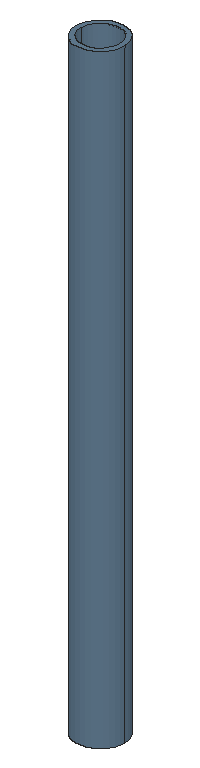
Revit family "28_CC_MOD_kolom_CHS", category Structural Columns, Revit 2019
Family settings
  Section Shape = Not Defined
  Material for Model Behavior = Steel
  Always export as geometry = No
  Beam cutback in plan = From bounding box
  Cut with Voids When Loaded = No
  Symbolic Representation = From Project Settings
  Shared = No
  Show family pre-cut in plan views = Yes
Parameters (values of type "CHS")
  Structural Material = Metal - Steel - 345 MPa
  NL_28_trans_afstand_Y [instance] = if(NL_28_trans_X, -OD / 2, 0 mm)  # 0 mm
  NL_28_trans_afstand_X [instance] = if(NL_28_trans_Y, -OD / 2, 0 mm)  # 0 mm
  NL_28_trans_X [instance] = no
  NL_28_trans_Y [instance] = no
  NL_28_straal = OD / 2  # 100 mm
  NL_28_hulp_maat_Y [instance] = -NL_28_trans_afstand_Y  # 0 mm
  NL_28_hulp_maat_X [instance] = -NL_28_trans_afstand_X  # 0 mm
  Assembly Code = ""
  A = 0.011 m²
  W = 0.86593
  OD = 200 mm
  t = 20 mm
Reference planes
  plane 1 "NL_28_hart_voor_achter": y = 4.737
  plane 2: z = 0
  plane 3 "NL_28_hart_links_rechts": x = 70.56
  plane 4: x = 70.56
  plane 5: y = 4.737
Forms (mm)
  Sweep 1, solid, material "Metal - Steel - 345 MPa" <- "Structural Material", detail levels medium+fine
    path origin (0, 4.737, 0) x (1, 0, 0) y (0, 0, 1)
      loop
        line (70.56, 0) -> (70.56, 2500)
    profile "NL_28_profiel_CHS : CHS" origin (70.56, 4.737, 1250) x (-1, 0, 0) y (0, -1, 0)
      loop
        circle (0, 0) r 80
      loop
        circle (0, 0) r 100
Lines and regions (mm)
  symbolic lines, style "StructuralColumnStickSymbols", detail levels coarse
    curve 1: circle (70.56, 4.737, 0) r 100 normal (0, 0, 1)
Dimensions and locks
  "NL_28_hulp_maat_Y": plane 1 "NL_28_hart_voor_achter" to plane 5
  "NL_28_hulp_maat_X": plane 3 "NL_28_hart_links_rechts" to plane 4
  "NL_28_straal": radius of curve 1
  aligned and locked: level to plane 2
  aligned and locked: level to Sweep 1 sketch curve  (x2)
  aligned and locked: plane 3 "NL_28_hart_links_rechts" to Sweep 1 sketch curve
  aligned and locked: plane 4 to curve 1
  aligned and locked: plane 5 to curve 1
